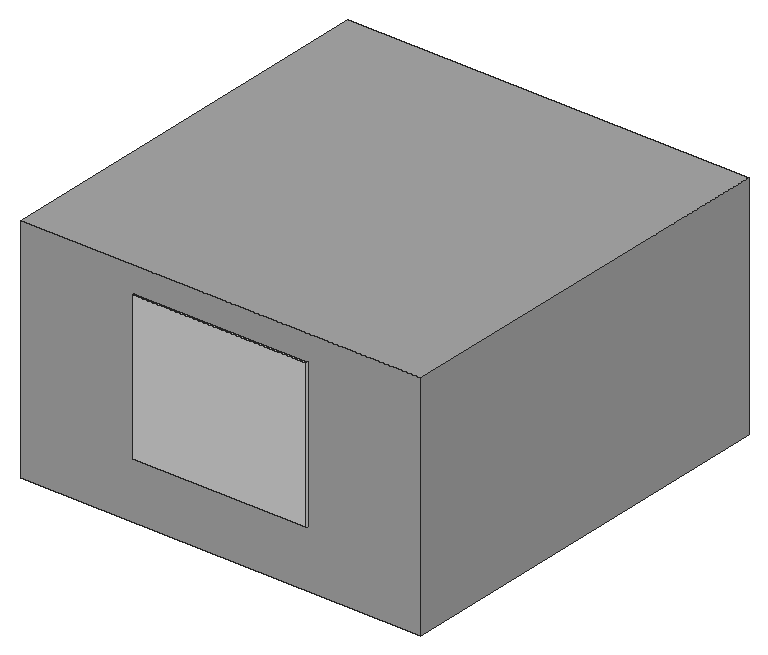
Revit family (continued)
Definition of nested family "Drain_Pan-JCI-2_Pipes"
  Dimensions and locks (in)
    aligned and locked: Masking region 4 sketch curve to Extrusion 1  (x4)
    aligned and locked: Masking region 4 to Masking region 5 sketch curve
    aligned and locked: Masking region 3 to Masking region 5 sketch curve
    aligned and locked: Masking region 5 sketch curve to Extrusion 1
    aligned and locked: Masking region 5 sketch curve to plane 4 "Back"
    aligned and locked: Masking region 6 sketch curve to Extrusion 1  (x2)
    aligned and locked: Masking region 6 sketch curve to plane 7 "Drain Pan Left"
    aligned and locked: Masking region 6 sketch curve to plane 1 "Front"
    aligned and locked: Masking region 7 sketch curve to Extrusion 1
    aligned and locked: plane 8 "Drain Pan Right" to Masking region 7 sketch curve
    aligned and locked: Masking region 7 sketch curve to plane 4 "Back"
    aligned and locked: Masking region 7 sketch curve to plane 1 "Front"
    aligned and locked: curve 14 to curve 3
    aligned and locked: curve 15 to curve 4
    aligned and locked: curve 16 to curve 1
    aligned and locked: curve 17 to curve 2
    aligned and locked: curve 2 to curve 13
    aligned and locked: curve 12 to curve 1
    aligned and locked: curve 10 to curve 3
    aligned and locked: curve 11 to curve 4
    aligned and locked: curve 18 to Extrusion 1
    aligned and locked: curve 19 to Extrusion 1
    aligned and locked: curve 20 to Extrusion 1
    aligned and locked: curve 21 to Extrusion 1
    aligned and locked: curve 23 to curve 1
    aligned and locked: Revolve 3 sketch curve to curve 22
    aligned and locked: Masking region 8 sketch curve to plane 12
    aligned and locked: Masking region 8 sketch curve to plane 13
    aligned and locked: Masking region 8 sketch curve to curve 19
    aligned and locked: Masking region 8 sketch curve to curve 5
    aligned and locked: Masking region 9 sketch curve to curve 19
    aligned and locked: Masking region 9 sketch curve to plane 15
    aligned and locked: Masking region 9 sketch curve to plane 14
    aligned and locked: Masking region 9 sketch curve to curve 5
    aligned and locked: curve 25 to plane 9 "Drain Pipe 1"
    aligned and locked: curve 24 to plane 10 "Drain Pipe 2"
    aligned and locked: curve 19 to curve 25
    aligned and locked: Masking region 8 to curve 25
    aligned and locked: Masking region 9 to curve 24
    aligned and locked: curve 19 to curve 24
    aligned and locked: curve 8 to curve 22
    aligned and locked: curve 3 to Extrusion 4 sketch curve
    aligned and locked: plane 8 "Drain Pan Right" to Extrusion 4 sketch curve
    aligned and locked: plane 4 "Back" to Extrusion 4
    aligned and locked: plane 1 "Front" to Extrusion 4
    aligned and locked: Extrusion 4 to curve 26
    aligned and locked: curve 27 to Extrusion 4
    aligned and locked: curve 28 to Extrusion 4
    aligned and locked: curve 29 to Extrusion 4
    aligned and locked: Extrusion 4 to curve 34
    aligned and locked: Extrusion 4 to curve 35
    aligned and locked: Masking region 10 sketch curve to Extrusion 4  (x4)
    aligned and locked: Extrusion 4 to Masking region 11 sketch curve  (x2)
    aligned and locked: Masking region 11 sketch curve to Extrusion 4  (x2)
    aligned and locked: Extrusion 4 to Masking region 12 sketch curve
    aligned and locked: Masking region 12 sketch curve to Masking region 11
    aligned and locked: Masking region 12 sketch curve to Extrusion 4
    aligned and locked: curve 27 to Masking region 13 sketch curve
    aligned and locked: Masking region 13 sketch curve to curve 28
    aligned and locked: Masking region 13 sketch curve to curve 29
    aligned and locked: Masking region 13 sketch curve to Extrusion 4
    aligned and locked: curve 36 to Revolve 2
    aligned and locked: curve 37 to Revolve 3
  Automatic sketch dimensions
    Masking region 7 sketch curve to plane 4 "Back" = 0"
    curve 19 to Extrusion 1 = 0"  (x2)
    curve 20 to Extrusion 1 = 0"  (x2)
    curve 21 to Extrusion 1 = 0"  (x2)
    curve 18 to plane 1 "Front" = 0"
    curve 18 to plane 4 "Back" = 0"
    curve 34 to Extrusion 4 = 0"  (x2)
    curve 35 to Extrusion 4 = 0"  (x2)
    curve 30 to Extrusion 4 = 0"  (x2)
    curve 32 to Extrusion 4 = 0"  (x2)
    Masking region 12 sketch curve to Extrusion 4 = 3.69779"
    Masking region 14 sketch curve to Masking region 3 = 0.50938"
    Masking region 14 sketch curve to Masking region 3 = 5.57635"
    Masking region 14 sketch curve to Masking region 14 sketch curve = 1/4"
